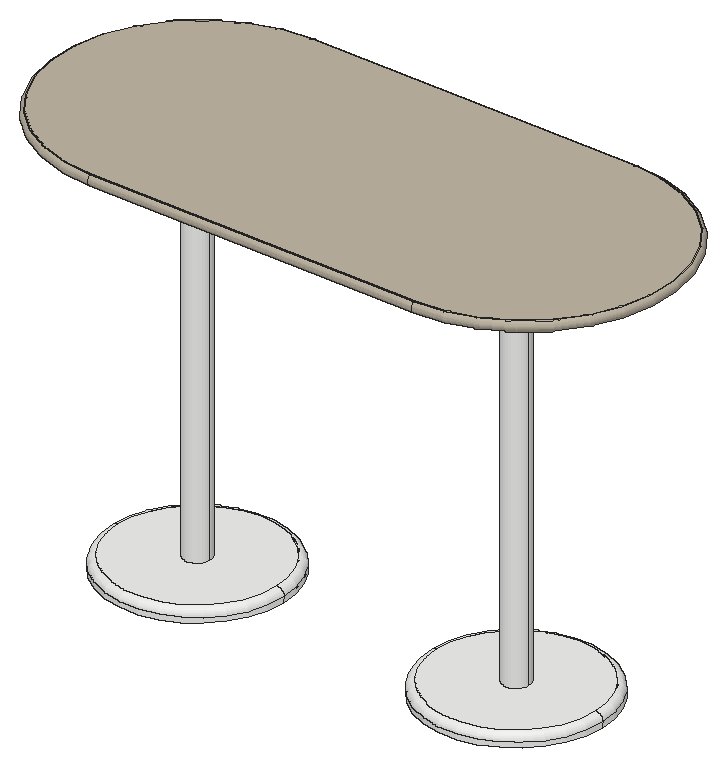
Revit family "revitupgrade", category Furniture, Revit 2025
Family settings
  OmniClass Number = 23.40.70.14.64.11
  OmniClass Title = Office Furniture
  Work Plane-Based = No
  Enable Cutting in Views = No
  Always vertical = Yes
  Cut with Voids When Loaded = No
  Render Appearance Source = Family Geometry
  Shared = No
  Room Calculation Point = No
Parameters (values of type "White Frame")
  URL = "https://www.steelcase.com/asia-en/m-a-d/"
  Top Finish = m.a.d. - Natural Ash
  Style Number(s) = "MD4SOCIALBT"  # constant formula
  Release Date = "May 2024"  # constant formula
  Manufacturer = "M.A.D."  # constant formula
  Frame Finish = m.a.d_Metal_White
  Description = "Double Bar Table"  # constant formula
  Default Elevation = 0.00 mm
  Copyright = "© 2010 Steelcase Inc."  # constant formula
  Assembly Code = "E2020200"
Types (2, lengths in mm): name | Frame Finish
  Grey Frame | m.a..d - Dove Grey
  White Frame | m.a.d_Metal_White
Reference planes
  plane 1 "Center Front/Back": y = 0
  plane 2 "Bottom": z = 0
  plane 3 "Center Left/Right": x = 0
  plane 4: x = -762.115
  plane 5: y = -355.488
  plane 6: x = 762.115
  plane 7: y = 355.488
  plane 8: z = 1041.401
  plane 9: z = 1016.001
  plane 10: z = 30.366
Forms (mm)
  Extrusion 1, solid, material "m.a.d. - Natural Ash" <- "Top Finish"
    sketch origin (0, 0, 0) x (1, 0, 0) y (0, 1, 0)
      loop
        arc (-406.203, 343.212) -> (-749.303, 0.112) -> (-406.203, -342.988) r 343.1
        line (-406.203, -342.988) -> (406.203, -342.988)
        arc (406.203, -342.988) -> (749.303, 0.112) -> (406.203, 343.212) r 343.1
        line (406.203, 343.212) -> (-406.203, 343.212)
    from 1016.001 to 1041.401
  Sweep 2, solid, material "m.a.d. - Natural Ash" <- "Top Finish"
    path origin (0, 0, 0) x (1, 0, 0) y (0, 1, 0)
      loop
        arc (-406.203, 343.212) -> (-749.303, 0.112) -> (-406.203, -342.988) r 343.1
        line (-406.203, -342.988) -> (406.203, -342.988)
        arc (406.203, -342.988) -> (749.303, 0.112) -> (406.203, 343.212) r 343.1
        line (406.203, 343.212) -> (-406.203, 343.212)
    profile origin (-749.303, 0.112, 0) x (1, 0, 0) y (0, 0, 1)
      loop
        line (0, 1016.001) -> (0, 1041.401) -> (-3.048, 1041.401)
        arc (-3.048, 1041.401) -> (-4.194, 1041.268) -> (-5.279, 1040.876) r 5
        arc (-5.279, 1040.876) -> (-12.812, 1028.701) -> (-5.279, 1016.526) r 13.604
        arc (-5.279, 1016.526) -> (-4.194, 1016.134) -> (-3.048, 1016.001) r 5
        line (-3.048, 1016.001) -> (0, 1016.001)
  Extrusion 3, solid, material "m.a.d_Metal_White" <- "Frame Finish"
    sketch origin (0, 0, 0) x (1, 0, 0) y (0, 1, 0)
      loop
        circle (-415.782, 0) r 32.018
      loop
        circle (384.282, 0) r 32.018
    from 30.366 to 1016.001
  Extrusion 4, solid, material "m.a.d_Metal_White" <- "Frame Finish"
    sketch origin (0, 0, 0) x (1, 0, 0) y (0, 1, 0)
      loop
        circle (-415.782, 0) r 189.041
      loop
        circle (383.376, 0) r 189.041
    from 0 to 30.366
  Sweep 5, solid, material "m.a.d_Metal_White" <- "Frame Finish"
    path origin (0, 0, 0) x (1, 0, 0) y (0, 1, 0)
      loop
        circle (-415.782, 0) r 189.041
    profile origin (-415.782, 189.041, 0) x (0, -1, 0) y (0, 0, 1)
      loop
        line (0, 0) -> (0, 30.366) -> (-9.926, 30.366)
        arc (-9.926, 30.366) -> (-22.654, 25.094) -> (-27.926, 12.366) r 18
        line (-27.926, 12.366) -> (-27.926, 0) -> (0, 0)
  Sweep 6, solid, material "m.a.d_Metal_White" <- "Frame Finish"
    path origin (800.064, 0, 0) x (1, 0, 0) y (0, 1, 0)
      loop
        circle (-416.687, 0) r 189.041
    profile origin (383.376, 189.041, 0) x (0, -1, 0) y (0, 0, 1)
      loop
        line (0, 0) -> (0, 30.366) -> (-9.926, 30.366)
        arc (-9.926, 30.366) -> (-22.654, 25.094) -> (-27.926, 12.366) r 18
        line (-27.926, 12.366) -> (-27.926, 0) -> (0, 0)
Cuts and joins
  joined: Extrusion 1, Sweep 2
  joined: Extrusion 4, Sweep 5, Sweep 6
Lines and regions (mm)
  Masking region 1
    outline origin (0, 0, 0) x (1, 0, 0) y (0, 1, 0)
      loop
        arc (-406.628, 355.488) -> (-762.115, 0) -> (-406.628, -355.488) r 355.488
        line (-406.628, -355.488) -> (406.628, -355.488)
        arc (406.628, -355.488) -> (762.115, 0) -> (406.628, 355.488) r 355.488
        line (406.628, 355.488) -> (-406.628, 355.488)
Dimensions and locks
  aligned and locked: level to plane 2 "Bottom"
  aligned and locked: plane 9 to Extrusion 1
  aligned and locked: Extrusion 1 to plane 8
  aligned and locked: plane 10 to Extrusion 3
  aligned and locked: Extrusion 3 to plane 9
  aligned and locked: Extrusion 4 to plane 2 "Bottom"
  aligned and locked: Extrusion 4 to plane 10
